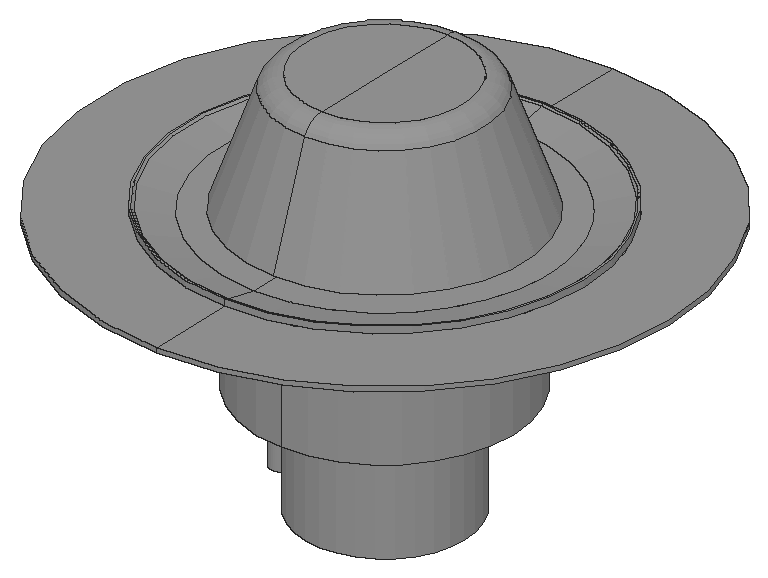
Revit family "BRU_ВодоприемнаяВоронка", category Обобщенные модели, Revit 2021
Family settings
  Может служить основой для арматурных стержней = Нет
  Размер круглого соединителя = Использовать диаметр
  Тип детали = Нормальный
  Номер OmniClass = 23.70.50.21.24.14
  Заголовок OmniClass = Deck Waste Water Drains
  На основе рабочей плоскости = Нет
  Всегда вертикально = Да
  При загрузке вырезать с полостями = Нет
  Общий = Нет
  Точка принадлежности помещению = Да
Parameters (values of type "Водоприемная воронка")
  РЕШЁТКА = "Laubfangkorb d 145 mm"
  РАЗМЕР = "DN110"
  Подключение к холодной воде = no
  Подключение к сливной трубе = yes
  Подключение к горячей воде = no
  Подключение к вентиляции = no
  ПРОПУСКНАЯ СПОСОБНОСТЬ [instance] = 0.0 L/s
  ПРОИЗВОДИТЕЛЬНОСТЬ = "10,7 l/s"
  ПРАВОВАЯ ИНФОРМАЦИЯ = "Авторские права(©), права на дизайн или какие либо другие права интелектуальной собственности являются исключительной собственностью компании HL Hutterer & Lechner. Изменению не подлежит. Файл семейства с данными о прозводителе изделия защищен паролем с водяным знаком."
  Отметка по умолчанию = 0 mm
  НОМИНАЛЬНЫЙ ДИАМЕТР = 100 mm
  МАТЕРИАЛ = "PP"
  ВЫСОТА МОНТАЖА = "100 mm"
  ВЕС = "1,63 [kg]"
  Изготовитель = "HL Hutterer & Lechner GmbH"  # constant formula
  URL = "http://www.hutterer-lechner.com/ru/products/catalog/roof-drains/HL62.1/1.aspx"
  Материал плитка [instance] = none
  Описание = "Кровельные воронки"
  Группа модели = "Водоприемная воронка"
  Assembly Code = " "
  Комментарии к типоразмеру = "HL62.1/1 Кровельная воронка DN110 с зажимным элементом и подогревом (10_30Вт/230В).,"
  Ключевая пометка = "HL62.1_1"
  Bысота монтажа [instance] = 0 mm
  G [instance] = 180.00°  # constant formula
  EAN = "9003076802623"
  D [instance] = 67 mm + Bысота монтажа  # 67 mm
  C [instance] = if(Bысота монтажа - 68 mm < 0 mm, 0 mm, Bысота монтажа - 68 mm)  # 0 mm
  BRU_ОбозначениеСистемы [instance] = ""
  B [instance] = 100 mm  # constant formula
  ADSK_Примечание [instance] = ""
  ADSK_Наименование [instance] = ""
  ADSK_Масса_Текст = ""
  ADSK_Марка = "HL62.1_1"
  ADSK_Количество = 1  # constant formula
  ADSK_Код изделия = ""
  ADSK_Завод-изготовитель = "HL"
  ADSK_Диаметр условный = НОМИНАЛЬНЫЙ ДИАМЕТР  # 100 mm
  A [instance] = if(B - 100 mm > 15 mm, B - 100 mm, 15 mm)  # 15 mm
Reference planes
  plane 1 "Center (Front/Back)": y = 0
  plane 2: z = 0
  plane 3 "Center (Left/Right)": x = 0
  plane 4: z = -100
  plane 5: z = 0
Lines and regions (mm)
  model lines, style "InvisibleLines"
    curve 1: line (0, 0, 0) -> (0, 0, 20)
  model lines, detail levels coarse+medium
    curve 2: line (0, 0, -100) -> (0, 0, -85)
    curve 3: line (0, 0, -85) -> (-85, 0, 0)
    curve 4: line (0, 0, -85) -> (85, 0, 0)
    curve 6: line (0, 0, -100) -> (0, 0, -167)
  reference lines, not visible
    curve 5: line (0, 0, -100) -> (0, 0, -167)
  symbolic lines, detail levels coarse+medium
    curve 7: line (-75, 75, 0) -> (75, 75, 0)
    curve 8: line (-75, -75, 0) -> (-75, 75, 0)
    curve 9: line (75, -75, 0) -> (-75, -75, 0)
    curve 10: line (75, 75, 0) -> (75, -75, 0)
    curve 11: line (-75, 75, 0) -> (-145.711, 145.711, 0)
    curve 12: line (75, 75, 0) -> (145.711, 145.711, 0)
    curve 13: line (-75, -75, 0) -> (-145.711, -145.711, 0)
    curve 14: line (75, -75, 0) -> (145.711, -145.711, 0)
  symbolic lines, not visible, detail levels coarse+medium
    curve 15: line (-75, 75, 0) -> (75, 75, 0)
    curve 16: line (-75, -75, 0) -> (-75, 75, 0)
    curve 17: line (75, -75, 0) -> (-75, -75, 0)
    curve 18: line (75, 75, 0) -> (75, -75, 0)
    curve 19: line (-75, 75, 0) -> (-145.711, 145.711, 0)
    curve 20: line (75, 75, 0) -> (145.711, 145.711, 0)
    curve 21: line (-75, -75, 0) -> (-145.711, -145.711, 0)
    curve 22: line (75, -75, 0) -> (145.711, -145.711, 0)
Text (mm)
  text "FLOOR" at (-162.344, 0, -10.979), in view "Drain Construction View"
Dimensions and locks
  "B": plane 2 to plane 4
  "Bысота монтажа": plane 2 to plane 5
  "A": curve 4 to plane 4
  "D": curve 5 to curve 5
  "D": curve 6 to curve 6
  locked: curve 4 to plane 3 "Center (Left/Right)" (angle 45.00°)
  locked: plane 3 "Center (Left/Right)" to curve 3 (angle 45.00°)
  "G": angle curve 5 to plane 3 "Center (Left/Right)"
  aligned and locked: level to plane 2
  aligned and locked: plane 2 to curve 4
  aligned and locked: plane 2 to curve 3
  aligned and locked: plane 4 to curve 5
  aligned and locked: plane 3 "Center (Left/Right)" to curve 5
  aligned and locked: plane 4 to curve 2
  aligned and locked: curve 6 to plane 3 "Center (Left/Right)"
  aligned and locked: curve 6 to plane 4
  aligned and locked: plane 5 to nested 1
  aligned and locked: nested 1 to plane 3 "Center (Left/Right)"
  aligned and locked: plane 2 to nested 2
  aligned and locked: plane 3 "Center (Left/Right)" to nested 2
Automatic sketch dimensions
  curve 2 to plane 3 "Center (Left/Right)" = 0 mm
  curve 1 to plane 3 "Center (Left/Right)" = 0 mm
  curve 1 to level = 0 mm
  level to curve 1 = 20 mm
Nested families
  nested 1: "HL_кровельные воронки - корпус_HL62.1" at (0, 0, 0), НОМИНАЛЬНЫЙ ДИАМЕТР <- "НОМИНАЛЬНЫЙ ДИАМЕТР", type "HL_кровельные воронки - корпус_HL62.1"
    with НОМИНАЛЬНЫЙ ДИАМЕТР 100 mm, OOD 65 mm
  nested 2: "HL_Вспомогательные материалы-Противопожарная защита_HL062.1E" at (0, 0, 0), type "HL_Вспомогательные материалы-Противопожарная защита_HL062.1E"
Connectors
  piping at (0, 0, -167), diameter 100, driven by "ПРОПУСКНАЯ СПОСОБНОСТЬ", driven by "НОМИНАЛЬНЫЙ ДИАМЕТР"
    settings: on curve 5, index 1, connector inside diameter 609.6 mm, connector length 0 mm, flow factor 0, pipe flow 0.0 L/s, pressure drop 0.0 Pa, fitting loss kfactor 0, connector angle 0.00°, fixture units 0, engagement length 0 mm, angle of deflection 0.00°, flow configuration 1, flow direction 2, fitting loss method 0, system type 16, joint type 0, gender type 0, connector reference index -1, connector utility 0, adjustable connector yes, is connector primary yes, connector description ""
Definition of nested family "HL_кровельные воронки - корпус_HL62.1"
  Parameters (values of type "HL_кровельные воронки - корпус_HL62.1")
    Default Elevation = 0 mm
    НОМИНАЛЬНЫЙ ДИАМЕТР [instance] = 160 mm
    Manufacturer = ""
    URL = ""
    Description = ""
    OOD [instance] = if((80 mm - НОМИНАЛЬНЫЙ ДИАМЕТР / 2) / 2 + НОМИНАЛЬНЫЙ ДИАМЕТР / 2 > 75 mm, 100 mm, (80 mm - НОМИНАЛЬНЫЙ ДИАМЕТР / 2) / 2 + НОМИНАЛЬНЫЙ ДИАМЕТР / 2)  # 100 mm
    Model = ""
    Type Comments = ""
    Cost = 0
  Reference planes
    plane 1 "Střed (vpředu/vzadu)": y = 0
    plane 2: z = 0
    plane 3 "Střed (vlevo/vpravo)": x = 0
  Forms (mm)
    Revolve 1, solid, detail levels fine
      sketch origin (0, 0, 0) x (0, 1, 0) y (0, 0, 1)
        loop
          line (177, -3) -> (177, 0) -> (124.39, 0) -> (112.255, 0) -> (101.905, -2.2) -> (79.004, -2.2) -> (79.004, -22.024) -> (74.451, -22.024) -> (74.451, -35.37) -> (0, -35.37) -> (0, -97.967) -> (79.982, -97.967) -> (79.982, -31.54) -> (86.489, -31.54) -> (86.489, -28.04) -> (101.489, -28.04) -> (101.489, -13.704) -> (130.898, -3) -> (177, -3)
        axis (0, 0) -> (0, -97.967)
      angle from 0 to 360
    Revolve 2, solid, detail levels fine
      sketch origin (0, 0, 0) x (0, 1, 0) y (0, 0, 1)
        loop
          line (124.39, 0) -> (124.39, 4) -> (123.297, 4) -> (122.033, 3.115) -> (101.733, -1.2) -> (79.004, -1.2) -> (79.004, -2.2) -> (101.905, -2.2) -> (112.255, 0) -> (124.39, 0)
        axis (0, 4) -> (0, -2.2)
      angle from 0 to 360
    Extrusion 3, solid, detail levels fine
      sketch origin (0, 0, 0) x (0.707107, 0.707107, 0) y (-0.707107, 0.707107, 0)
        loop
          circle (0, 0) r 80
      from -167 to -97.967
    Sweep 4, solid, detail levels fine
      path origin (-100, 0, -67.213) x (0, 0, -1) y (1, 0, 0)
        loop
          line (98.966, 0) -> (27.716, 0)
          arc (27.716, 0) -> (15.095, 5.228) -> (9.868, 17.848) r 17.848
          line (9.868, 17.848) -> (9.868, 35)
      profile origin (-100, 0, -130.554) x (-1, 0, 0) y (0, -1, 0)
        loop
          circle (0, 0) r 5.8
  Lines and regions (mm)
    reference lines
      curve 1: line (-100, 0, -67.213) -> (-100, 0, -292.213)
  Dimensions and locks
    "OOD": curve 1 to plane 3 "Střed (vlevo/vpravo)"
    "НОМИНАЛЬНЫЙ ДИАМЕТР": diameter of Extrusion 3 sketch curve
    aligned and locked: level to plane 2
  Automatic sketch dimensions
    Revolve 2 sketch curve to plane 1 "Střed (vpředu/vzadu)" = 0 mm
    level to Revolve 2 sketch curve = 0 mm
    Revolve 2 sketch curve to level = 1.2 mm
    Revolve 2 sketch curve to plane 1 "Střed (vpředu/vzadu)" = 79.004 mm
    Revolve 2 sketch curve to Revolve 2 sketch curve = 22.729 mm
    Revolve 2 sketch curve to level = 2.2 mm
    Revolve 2 sketch curve to Revolve 2 sketch curve = 0.172 mm
    Revolve 2 sketch curve to Revolve 2 sketch curve = 10.35 mm
    level to Revolve 2 sketch curve = 3.115 mm
    Revolve 2 sketch curve to Revolve 2 sketch curve = 9.777 mm
    Revolve 2 sketch curve to Revolve 2 sketch curve = 1.264 mm
    Revolve 2 sketch curve to Revolve 2 sketch curve = 1.093 mm
    Revolve 2 sketch curve to Revolve 2 sketch curve = 0.885 mm
    Revolve 2 sketch curve to level = 66.573 mm
    level to Revolve 2 sketch curve = 22.174 mm
    Revolve 1 sketch curve to plane 1 "Střed (vpředu/vzadu)" = 0 mm  (x2)
    level to Revolve 1 sketch curve = 0 mm
    Revolve 1 sketch curve to Revolve 1 sketch curve = 74.451 mm
    Revolve 1 sketch curve to Revolve 1 sketch curve = 4.553 mm
    Revolve 1 sketch curve to Revolve 1 sketch curve = 6.507 mm
    Revolve 1 sketch curve to Revolve 1 sketch curve = 15 mm
    Revolve 1 sketch curve to level = 2.2 mm
    Revolve 1 sketch curve to Revolve 1 sketch curve = 0.416 mm
    Revolve 1 sketch curve to Revolve 1 sketch curve = 10.35 mm
    Revolve 1 sketch curve to Revolve 1 sketch curve = 12.135 mm
    Revolve 1 sketch curve to level = 3 mm
    Revolve 1 sketch curve to Revolve 1 sketch curve = 6.508 mm
    Revolve 1 sketch curve to Revolve 1 sketch curve = 46.102 mm
    Revolve 1 sketch curve to Revolve 1 sketch curve = 11.504 mm
    Revolve 1 sketch curve to Revolve 1 sketch curve = 19.824 mm
    Revolve 1 sketch curve to Revolve 1 sketch curve = 14.336 mm
    Revolve 1 sketch curve to Revolve 1 sketch curve = 3.5 mm
    level to Revolve 1 sketch curve = 30 mm
    Revolve 1 sketch curve to Revolve 1 sketch curve = 270 mm
    Revolve 1 sketch curve to Revolve 1 sketch curve = 5.531 mm
    Revolve 1 sketch curve to Revolve 1 sketch curve = 3.83 mm
    Revolve 1 sketch curve to Revolve 1 sketch curve = 62.597 mm
    plane 1 "Střed (vpředu/vzadu)" to Sweep 4 sketch curve = 0 mm
    Sweep 4 sketch curve to profile plane = 0 mm
    curve 1 to Sweep 4 sketch curve = 0 mm
    curve 1 to Sweep 4 sketch curve = 9.868 mm
    Sweep 4 sketch curve to Sweep 4 sketch curve = 17.848 mm
    Sweep 4 sketch curve to Sweep 4 sketch curve = 71.25 mm
    curve 1 to Sweep 4 sketch curve = 35 mm
    curve 1 to level = 292.213 mm
    curve 1 to level = 67.213 mm
    plane 1 "Střed (vpředu/vzadu)" to Extrusion 3 sketch curve = 0 mm
    Extrusion 3 sketch curve to plane 3 "Střed (vlevo/vpravo)" = 0 mm
    radius of Sweep 4 sketch curve = 5.8 mm
Definition of nested family "HL_Вспомогательные материалы-Противопожарная защита_HL062.1E"
  Parameters
    ПРАВОВАЯ ИНФОРМАЦИЯ = ""
    Default Elevation = 0 mm
    ВЕС = "0,097 [kg]"
    Manufacturer = ""
    URL = ""
    Материал плитка = none
    Description = ""
    Model = ""
    Type Comments = "HL062.1E, domed plastic grate"
    Keynote = ""
    Пропускная способность [instance] = 0.0 L/s
    EAN = "9003076006212"
    Cost = 0
  Types (2, lengths in mm): name | ПРАВОВАЯ ИНФОРМАЦИЯ | Manufacturer | URL | Description | Model | Type Comments | Keynote
    (no name) | "" | "" | "" | "" | "" | "HL062.1E, domed plastic grate" | ""
    HL_Вспомогательные материалы-Противопожарная защита_HL062.1E | "Авторские права(©), права на дизайн или какие либо другие права интелектуальной собственности являются исключительной собственностью компании HL Hutterer & Lechner. Изменению не подлежит. Файл семейства с данными о прозводителе изделия защищен паролем с водяным знаком." | "HL Hutterer & Lechner GmbH" | "http://www.hutterer-lechner.com/ru/products/catalog/roof-drains/HL062.1E.aspx" | "Кровельные воронки" | "HL062.1E" | "HL062.1E, Листвоуловитель" | "HL062.1E"
  Reference planes
    plane 1 "Střed (vpředu/vzadu)": y = 0
    plane 2: z = 0
    plane 3 "Střed (vlevo/vpravo)": x = 0
  Forms (mm)
    Revolve 1, solid, detail levels fine
      sketch origin (0, 0, 0) x (0, 1, 0) y (0, 0, 1)
        loop
          line (0, 75) -> (0, 60.2) -> (47.074, 60.2) -> (68.985, 0) -> (86.249, 0) -> (61.992, 66.646)
          arc (61.992, 66.646) -> (56.733, 72.731) -> (49.016, 75) r 14.255
          line (49.016, 75) -> (0, 75)
        axis (0, 75) -> (0, 0)
      angle from 0 to 360
    Extrusion 2, solid, detail levels fine
      sketch origin (0, 0, 0) x (0, 1, 0) y (1, 0, 0)
        loop
          circle (0, 0) r 78.587
        loop
          circle (0, 0) r 70.981
      from 0 to 16.7
    Extrusion 3, solid, detail levels fine
      sketch origin (0, 0, -16.7) x (-1, 0, 0) y (0, 1, 0)
        loop
          circle (0, 0) r 70
        loop
          circle (0, 0) r 74.546
      from 0 to 12.3
  Dimensions and locks
    aligned and locked: level to plane 2
